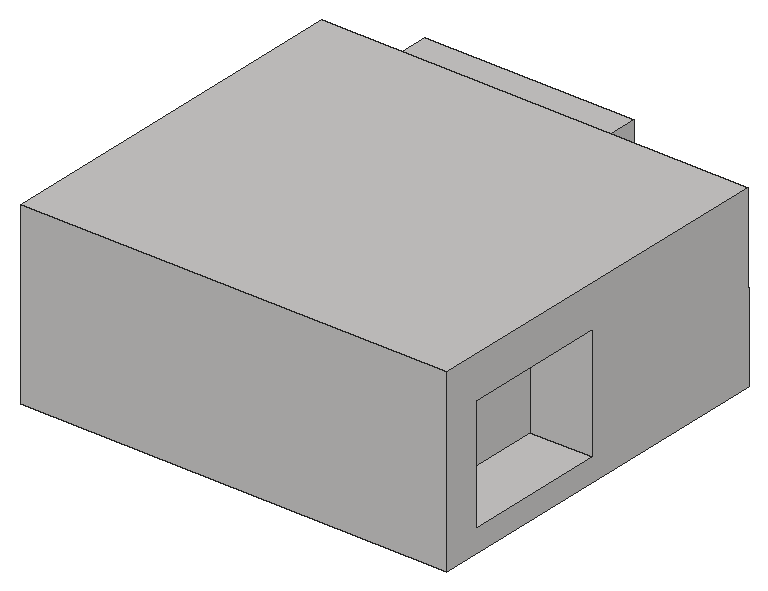
Revit family
Parameters
  Width = 3' - 0 1/8"
  Voltage = 277 V
  Unit Weight = "155.0 lbs"
  UltraLoc Liner = Choose Liner Option = 3  # no
  URL = "http://www.titus-hvac.com/"
  UL = "181"
  Supply Air Flow [instance] = 0 CFM
  SteriLoc Liner = Choose Liner Option = 2  # no
  Primary Air Pressure Drop [instance] = 0.00 in-wg
  Primary Air Flow [instance] = 0 CFM
  Plenum Air Pressure Drop [instance] = 0.00 in-wg
  Plenum Air Flow [instance] = 0 CFM
  Outlet Width = 1' - 2"
  Outlet Vertical Offset = 0' - 1 1/8"
  Outlet Horizontal Offset = 0' - 1 3/8"
  Outlet Height = 0' - 11"
  Number of Poles = 1
  Nominal Width = Width + 0' 6 1/4"  # 3' - 6 3/8"
  Nominal Length = Length + 0' 3 3/8"  # 3' - 8 1/4"
  Nominal Inlet Size = 0' - 10"
  Nominal Height = 1' - 5 1/8"
  NFPA = "90A"
  Motor Full Load Amps = 2.9 A
  Model = "DTQS"
  Min. Air Flow = 0 CFM
  Max. Air Flow = 0 CFM
  Material = Galvanized Steel
  Manufacturer = "Titus"
  Length = 3' - 4 7/8"
  Juction Box Offset = 0' - 4 7/8"
  Inlet Diameter = Nominal Inlet Size - 0' 0 1/8"  # 0' - 9 7/8"
  Induced Air Inlet Offset = 0' - 4 1/2"
  Induced Air Inlet Width = 1' - 1 1/4"
  Induced Air Inlet Height = 1' - 2 1/2"
  Induced Air Filter = no
  Heating Total Capacity [instance] = 0 Btu/h
  Half Outlet Connection Width = Outlet Width / 2  # 0' - 7"
  Half Outlet Connection Height = Outlet Height / 2  # 0' - 5 1/2"
  Half Height Start = -(Nominal Height / 2)  # -0' - 8 9/16"
  Half Height End = Nominal Height / 2  # 0' - 8 9/16"
  HP-Motor = "1/3"
  Frequency = 60 Hz
  Filter Size = "19\"x17\""
  Fiber Free Liner = Choose Liner Option = 1  # no
  Fan Disconnect Switch = no
  Duct Radius = Nominal Inlet Size / 2  # 0' - 5"
  Description = "Series Fan Powered Terminal Unit, Direct Digital Control, Pressure Independent"
  Connection Void Radius = Connection Radius - 0' 0 1/4"  # 0' - 4 11/16"
  Connection Radius = Inlet Diameter / 2  # 0' - 4 15/16"
  Choose Liner Option = 0
  CADworks URL = "www.CADworks.net"
  Assembly Code = "D3040100"
  Apparent Power = Voltage * Motor Full Load Amps  # 803.3 VA
  Air Inlet Offset = 0' - 7"
  1/2" Fiberglass Liner = Choose Liner Option = 0  # yes
Reference planes (in)
  plane 1 "Center (Front/Back)": y = 0
  plane 2: z = 0
  plane 3 "Center (Left/Right)": x = 3
  plane 4: x = -17.4375
  plane 5: x = 23.4375
  plane 6: x = -12.5625
  plane 7: x = -20.8125
  plane 8 "Center (Elevation)": z = 0
  plane 9: y = -18.0625
  plane 10: y = 18.0625
  plane 11: y = 11.0625
  plane 12: y = -13.5625
  plane 13: x = -11.4375
  plane 14: x = 17.4375
  plane 15: y = 24.3125
  plane 16: z = 8.5625
  plane 17: z = -8.5625
Forms (in)
  Extrusion 1, solid, material "Galvanized Steel" <- "Material"
    sketch origin (61, -3.76302, 78.80279) x (1, 0, 0) y (0, 1, 0)
      loop
        line (-78.4375, 21.82552) -> (-78.4375, -14.29948) -> (-37.5625, -14.29948) -> (-37.5625, 21.82552) -> (-78.4375, 21.82552)
    from -87.36529 <- "Half Height Start" to -70.24029 <- "Half Height End"
  Extrusion 2, solid, material "Galvanized Steel" <- "Material"
    sketch origin (6.0625, 0, 42) x (1, 0, 0) y (0, 1, 0)
      loop
        line (-18.625, 18.0625) -> (1.375, 18.0625) -> (1.375, 24.3125) -> (-18.625, 24.3125) -> (-18.625, 18.0625)
    from -48 to -36
  Extrusion 3, void
    sketch origin (23.4375, 18.0625, 76.42779) x (0, 1, 0) y (0, 0, -1)
      loop
        line (-18.625, 71.86529) -> (-18.625, 82.86529) -> (-32.625, 82.86529) -> (-32.625, 71.86529) -> (-18.625, 71.86529)
    from 0 to 6
  Extrusion 4, solid, material "Galvanized Steel" <- "Material"
    sketch origin (-24.875, -0.4375, 0) x (0, 0, -1) y (0, 1, 0)
      loop
        circle (0, 11.5) r 4.9375
    from 4.0625 to 7.4375
  Extrusion 5, void
    sketch origin (-24.875, 0, 0) x (0, 1, 0) y (0, 0, 1)
      loop
        circle (11.0625, 0) r 4.6875
    from 4.0625 to 13.4375
  Extrusion 6, void
    sketch origin (-17.4375, -18.0625, 78.67779) x (0, -1, 0) y (0, 0, -1)
      loop
        line (-17.75, 71.49029) -> (-4.5, 71.49029) -> (-4.5, 85.99029) -> (-17.75, 85.99029) -> (-17.75, 71.49029)
    from 0 to 6
Cuts and joins
  Extrusion 3, Extrusion 5, Extrusion 6 cuts Extrusion 1
  Extrusion 5 cuts Extrusion 4
Dimensions and locks (in)
  "Length": plane 5 to plane 4
  equal spacing: plane 5, plane 3 "Center (Left/Right)", plane 4
  locked: Extrusion 2 to plane 6 at 0
  locked: Extrusion 2 to Extrusion 2 at 20
  "Juction Box Offset": plane 6 to plane 4
  "Outlet Height": Extrusion 3 sketch curve to Extrusion 3 sketch curve
  "Outlet Width": Extrusion 3 sketch curve to Extrusion 3 sketch curve
  locked: plane 4 to plane 7 at 3.375
  "Width": plane 9 to plane 10
  equal spacing: plane 9, plane 1 "Center (Front/Back)", plane 10
  locked: Extrusion 4 sketch curve to level at 0
  locked: Extrusion 4 sketch curve to plane 11 at 0
  locked: Extrusion 5 sketch curve to level at 0
  locked: Extrusion 5 sketch curve to plane 11 at 0
  locked: Extrusion 2 to Extrusion 2 at 6.25
  "Air Inlet Offset": plane 10 to plane 11
  locked: Extrusion 2 to plane 10 at 0
  locked: cut or joined group of Extrusion 4, Extrusion 5 to plane 7 at 0
  locked: cut or joined group of Extrusion 4, Extrusion 5 to cut or joined group of Extrusion 4, Extrusion 5 at 3.375
  "Induced Air Inlet Offset": plane 9 to plane 12
  "Induced Air Inlet Width": Extrusion 6 sketch curve to Extrusion 6 sketch curve
  "Induced Air Inlet Height": Extrusion 6 sketch curve to Extrusion 6 sketch curve
  "Induced Air Inlet Offset": Extrusion 6 sketch curve to plane 9
  locked: plane 9 to Extrusion 3 sketch curve at 3.5
  cut or joined group of Extrusion 1, Extrusion 3, Extrusion 5, Extrusion 6 to Extrusion 6 sketch curve = 0' - 1 3/8"
  cut or joined group of Extrusion 1, Extrusion 3, Extrusion 5, Extrusion 6 to Extrusion 3 sketch curve = 0' - 2 1/8"
  locked: Extrusion 2 to Extrusion 2 at 12
  equal spacing: Extrusion 2, level, Extrusion 2
  locked: cut or joined group of Extrusion 1, Extrusion 3, Extrusion 5, Extrusion 6 to cut or joined group of Extrusion 1, Extrusion 3, Extrusion 5, Extrusion 6 at 17.125
  equal spacing: cut or joined group of Extrusion 1, Extrusion 3, Extrusion 5, Extrusion 6, level, cut or joined group of Extrusion 1, Extrusion 3, Extrusion 5, Extrusion 6
  locked: plane 4 to plane 13 at 6
  locked: plane 14 to plane 5 at 6
  "Connection Radius": radius of Extrusion 4 sketch curve
  "Connection Void Radius": radius of Extrusion 5 sketch curve
  aligned and locked: cut or joined group of Extrusion 1, Extrusion 3, Extrusion 5, Extrusion 6 to plane 10
  aligned and locked: plane 9 to cut or joined group of Extrusion 1, Extrusion 3, Extrusion 5, Extrusion 6
  aligned and locked: plane 5 to cut or joined group of Extrusion 1, Extrusion 3, Extrusion 5, Extrusion 6
  aligned and locked: cut or joined group of Extrusion 1, Extrusion 3, Extrusion 5, Extrusion 6 to plane 4
  aligned and locked: Extrusion 3 to plane 14
  aligned and locked: plane 13 to Extrusion 6
  aligned and locked: Extrusion 6 to Extrusion 5
Automatic sketch dimensions
  plane 4 to Extrusion 1 sketch curve = 0' - 0"
  plane 5 to Extrusion 1 sketch curve = 0' - 0"
  plane 9 to Extrusion 1 sketch curve = 0' - 0"
  plane 10 to Extrusion 1 sketch curve = 0' - 0"
  Extrusion 2 sketch curve to plane 6 = 0' - 0"
  Extrusion 2 sketch curve to plane 10 = 0' - 0"
  plane 3 "Center (Left/Right)" to Extrusion 2 sketch curve = 0' - 4 7/16"
  Extrusion 2 sketch curve to plane 10 = 0' - 6 1/4"
Connectors (in)
  electrical at (-2.5625, 24.3125, 0), driven by "Apparent Power", driven by "Voltage", driven by "Number of Poles"
    settings: on Extrusion 2, index 8
  hvac at (-20.8125, 11.0625, 0), driven by "Primary Air Flow", driven by "Duct Radius", driven by "Primary Air Pressure Drop"
    settings: on cut or joined group of Extrusion 4, Extrusion 5, index 9
  hvac at (-17.4375, -6.9375, -0.0625), driven by "Induced Air Inlet Width", driven by "Induced Air Inlet Height", driven by "Plenum Air Pressure Drop", driven by "Plenum Air Flow"
    settings: on cut or joined group of Extrusion 1, Extrusion 3, Extrusion 5, Extrusion 6, index 14
  hvac at (23.4375, -7.5625, -0.9375), driven by "Supply Air Flow", driven by "Outlet Width", driven by "Outlet Height"
    settings: on cut or joined group of Extrusion 1, Extrusion 3, Extrusion 5, Extrusion 6, index 15
